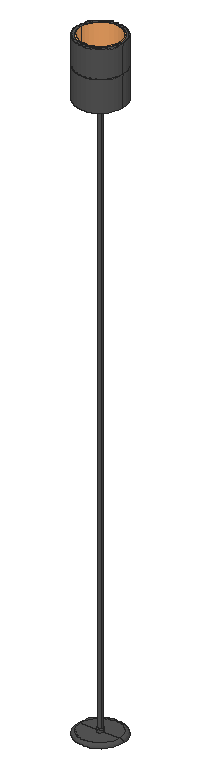
Revit family "MELO CYLINDER PENDANT LIGHT", category Lighting Fixtures, host Face, Revit 2020 (continued)
Types (16): name | Wattage_Input | Wattage Comments | Wattage | Voltage_Input | Size 08 | Size 06 | Size 04 | Selectable Wattage | Photometric Web File | Pendent Rod Length_1 | Pendent | Order number | built-in parameter 1150142 | Model | built-in parameter 1150105 | Lumens | built-in parameter 1150106 | Fixture Diameter | Canopy for Surface Mount J-box | Canopy for Recessed J-Box | Canopy Height | C2 H | C1 H | BEAMING ANGLE
     \r\n 0.16     0.16     0.16     0.16     0.16     0.16     0.16     0.16     0.17     0.17     \r\n 0.20     0.20     0.22     0.22     0.22     0.22     0.23     0.23     0.24     0.26     \r\n 0.28     0.29     0.31     0.32     0.35     0.36     0.40     0.44     0.46     0.51     \r\n 0.56     0.60     0.66     0.74     0.79     0.86     0.94     1.06     1.11     1.20     \r\n 1.32     1.42     1.56     1.70     1.88     2.11     2.40     2.75     3.19     3.72     \r\n 4.36     5.10     5.95     6.89     7.96     9.14     10.42    11.74    13.15    14.59    \r\n 16.04    17.50    18.95    20.35    21.70    22.95    24.12    25.18    26.05    26.79    \r\n 27.38    27.83    28.14    28.36    28.52    28.69    28.83    28.96    29.00    29.01    \r\n 29.49    \r\n28792.63 28846.43 28693.97 28297.62 27899.07 27319.18 26693.50 25886.00 24736.48 23294.26 \r\n 21489.69 19451.64 17251.09 14945.41 12632.21 10477.08 8453.71  6634.35  5066.07  3803.55  \r\n 3082.21  2364.60  1996.05  1736.57  1544.67  1389.13  1264.19  1148.39  1043.55  943.67   \r\n 843.08   760.66   696.04   642.41   595.96   490.81   437.06   371.56   332.93   302.60   \r\n 268.42   234.10   185.54   150.85   128.85   114.29   103.99   95.89    89.47    83.84    \r\n 77.71    66.03    57.33    52.82    49.55    47.67    45.99    44.55    43.14    41.13    \r\n 39.42    37.81    35.74    34.03    32.30    30.56    28.88    27.24    25.63    24.06    \r\n 22.52    21.02    19.57    18.16    16.79    15.48    14.21    12.98    11.78    10.65    \r\n 9.54     8.48     7.42     6.44     5.50     4.57     3.67     2.81     1.98     1.19     \r\n 0.44     0.11     0.11     0.11     0.11     0.11     0.12     0.13     0.13     0.14     \r\n 0.14     0.14     0.14     0.16     0.16     0.17     0.18     0.18     0.18     0.19     \r\n 0.20     0.20     0.21     0.22     0.22     0.23     0.25     0.25     0.26     0.27     \r\n 0.28     0.30     0.33     0.34     0.36     0.38     0.41     0.44     0.48     0.51     \r\n 0.56     0.61     0.66     0.72     0.79     0.86     0.93     1.01     1.10     1.19     \r\n 1.29     1.41     1.53     1.67     1.83     2.04     2.29     2.60     2.99     3.48     \r\n 4.07     4.76     5.61     6.53     7.58     8.72     9.95     11.26    12.63    14.05    \r\n 15.52    16.98    18.46    19.88    21.24    22.53    23.72    24.79    25.74    26.55    \r\n 27.20    27.74    28.15    28.44    28.69    28.92    29.12    29.30    29.35    29.34    \r\n 29.49    \r\n28729.34 28800.80 28671.49 28364.25 27921.05 27385.46 26829.23 26050.48 24931.43 23466.31 \r\n 21641.19 19595.01 17342.92 15005.63 12735.86 10466.62 8450.13  6644.10  5074.92  3809.54  \r\n 2935.05  2366.75  1994.32  1733.11  1540.08  1401.47  1263.29  1149.80  1043.43  942.49   \r\n 845.98   763.91   700.24   648.64   608.83   501.29   447.50   375.79   335.09   305.21   \r\n 277.02   240.28   190.09   153.35   129.09   113.92   103.12   94.79    88.62    83.28    \r\n 77.65    66.15    57.38    52.80    49.52    47.59    45.87    44.45    42.92    41.13    \r\n 39.51    37.85    35.68    33.96    32.21    30.50    28.81    27.18    25.60    24.03    \r\n 22.47    21.01    19.56    18.19    16.79    15.51    14.24    13.03    11.83    10.70    \r\n 9.60     8.53     7.50     6.49     5.54     4.60     3.67     2.82     1.94     1.20     \r\n 0.49     0.15     0.14     0.14     0.14     0.14     0.14     0.14     0.14     0.14     \r\n 0.14     0.14     0.14     0.14     0.14     0.14     0.15     0.15     0.16     0.16     \r\n 0.18     0.18     0.20     0.21     0.22     0.22     0.22     0.23     0.24     0.25     \r\n 0.28     0.29     0.29     0.31     0.35     0.36     0.38     0.44     0.45     0.50     \r\n 0.53     0.58     0.64     0.69     0.75     0.82     0.90     0.98     1.06     1.17     \r\n 1.25     1.39     1.50     1.64     1.81     2.01     2.29     2.60     3.01     3.51     \r\n 4.10     4.80     5.61     6.54     7.54     8.69     9.94     11.23    12.61    14.04    \r\n 15.48    16.91    18.36    19.74    21.10    22.36    23.56    24.66    25.58    26.39    \r\n 27.06    27.61    28.06    28.41    28.72    28.97    29.14    29.33    29.47    29.52    \r\n 29.49    \r\n28648.12 28739.60 28648.25 28340.93 28031.58 27553.57 27025.29 26293.92 25167.08 23746.04 \r\n 21948.36 19851.92 17586.25 15200.77 12794.02 10573.53 8530.49  6711.18  5146.02  3871.63  \r\n 3132.84  2397.87  2020.15  1751.39  1554.48  1396.48  1269.86  1154.56  1048.78  947.73   \r\n 854.16   772.72   709.52   655.46   611.80   514.01   457.85   386.60   340.23   309.47   \r\n 276.96   244.25   192.04   153.90   129.71   113.95   102.99   94.80    88.60    83.44    \r\n 77.77    66.87    58.07    53.10    49.57    47.62    45.90    44.44    43.02    41.16    \r\n 39.46    37.80    35.64    33.94    32.20    30.47    28.79    27.15    25.53    23.98    \r\n 22.46    20.96    19.52    18.11    16.75    15.46    14.19    12.95    11.77    10.63    \r\n 9.55     8.46     7.43     6.46     5.52     4.61     3.71     2.85     2.03     1.26     \r\n 0.52     0.11     0.12     0.12     0.12     0.12     0.12     0.13     0.13     0.14     \r\n 0.14     0.14     0.14     0.15     0.15     0.16     0.17     0.18     0.18     0.19     \r\n 0.19     0.20     0.20     0.21     0.22     0.23     0.24     0.25     0.26     0.27     \r\n 0.29     0.29     0.32     0.34     0.36     0.38     0.41     0.44     0.47     0.51     \r\n 0.55     0.60     0.65     0.71     0.77     0.85     0.91     1.00     1.07     1.17     \r\n 1.27     1.38     1.50     1.64     1.79     2.00     2.25     2.57     2.95     3.43     \r\n 4.02     4.71     5.52     6.46     7.49     8.63     9.85     11.13    12.49    13.91    \r\n 15.36    16.79    18.24    19.64    20.98    22.26    23.41    24.49    25.42    26.22    \r\n 26.91    27.49    27.99    28.37    28.66    28.89    29.09    29.29    29.41    29.50    \r\n 29.49    \r\n28598.50 28656.00 28517.29 28270.30 27920.38 27459.54 26922.54 26088.40 24903.97 23364.13 \r\n 21478.09 19347.94 16997.78 14594.76 12304.46 10015.06 8033.16  6261.74  4750.64  3582.56  \r\n 2790.71  2274.35  1935.74  1691.27  1506.36  1371.92  1237.88  1126.05  1022.30  920.77   \r\n 830.48   756.88   698.55   644.54   592.61   496.66   446.08   369.24   331.20   300.84   \r\n 271.42   231.66   181.39   152.74   124.29   109.79   99.90    92.35    86.79    81.80    \r\n 75.81    64.42    56.29    52.03    48.93    47.03    45.32    43.92    42.41    40.51    \r\n 38.86    37.02    35.06    33.33    31.61    29.90    28.23    26.60    25.04    23.49    \r\n 21.97    20.53    19.09    17.74    16.37    15.12    13.85    12.67    11.49    10.37    \r\n 9.28     8.22     7.22     6.21     5.27     4.35     3.47     2.64     1.79     1.06     \r\n 0.37     0.15     0.14     0.14     0.14     0.14     0.14     0.14     0.14     0.14     \r\n 0.14     0.14     0.14     0.14     0.14     0.15     0.15     0.16     0.16     0.17     \r\n 0.21     0.23     0.24     0.25     0.24     0.24     0.24     0.24     0.24     0.27     \r\n 0.28     0.29     0.29     0.32     0.39     0.38     0.39     0.43     0.45     0.53     \r\n 0.53     0.61     0.68     0.69     0.75     0.83     0.91     0.98     1.06     1.21     \r\n 1.26     1.39     1.50     1.65     1.81     2.04     2.31     2.66     3.08     3.60     \r\n 4.20     4.94     5.77     6.69     7.73     8.88     10.14    11.44    12.83    14.25    \r\n 15.68    17.11    18.54    19.91    21.21    22.45    23.64    24.70    25.61    26.41    \r\n 27.08    27.64    28.09    28.44    28.68    28.91    29.07    29.21    29.30    29.37    \r\n 29.49    \r\n28451.53 28519.24 28373.63 28225.76 27885.25 27456.68 26872.66 26027.01 24821.21 23321.49 \r\n 21447.12 19328.58 17014.65 14632.24 12289.22 10108.53 8103.56  6334.20  4832.52  3653.14  \r\n 2826.13  2303.19  1955.99  1705.52  1518.17  1364.35  1238.35  1123.17  1019.12  917.44   \r\n 827.33   755.25   695.44   638.42   585.59   492.59   441.18   367.19   329.13   299.76   \r\n 265.39   230.83   179.24   144.61   123.17   108.84   99.21    91.92    86.32    81.46    \r\n 75.29    63.80    56.05    51.74    48.65    46.75    45.07    43.58    42.06    40.11    \r\n 38.48    36.70    34.95    33.23    31.50    29.79    28.12    26.49    24.92    23.37    \r\n 21.86    20.41    18.98    17.61    16.28    14.99    13.76    12.54    11.38    10.25    \r\n 9.18     8.13     7.12     6.18     5.25     4.34     3.48     2.63     1.85     1.09     \r\n 0.38     0.12     0.12     0.13     0.13     0.13     0.13     0.14     0.14     0.14     \r\n 0.14     0.14     0.16     0.16     0.17     0.17     0.18     0.18     0.19     0.19     \r\n 0.19     0.21     0.21     0.22     0.22     0.24     0.25     0.25     0.27     0.27     \r\n 0.29     0.30     0.33     0.34     0.36     0.39     0.42     0.44     0.48     0.51     \r\n 0.56     0.60     0.65     0.71     0.77     0.84     0.91     1.00     1.07     1.17     \r\n 1.28     1.39     1.51     1.66     1.82     2.04     2.31     2.63     3.04     3.55     \r\n 4.14     4.85     5.71     6.65     7.70     8.85     10.09    11.39    12.76    14.18    \r\n 15.62    17.06    18.49    19.90    21.23    22.50    23.64    24.73    25.68    26.50    \r\n 27.20    27.80    28.26    28.61    28.88    29.10    29.28    29.40    29.47    29.50    \r\n 29.49    \r\n28388.08 28353.26 28190.71 27910.01 27506.05 26971.32 26191.46 25113.34 23725.20 21988.87 \r\n 19962.72 17770.46 15424.45 13117.61 10897.65 8843.05  6979.75  5371.44  4068.52  3104.82  \r\n 2479.72  2075.73  1796.37  1586.24  1422.30  1296.11  1170.21  1060.54  959.25   863.30   \r\n 781.95   715.01   654.04   604.39   515.93   456.21   395.65   341.47   308.29   281.09   \r\n 252.72   198.07   156.74   135.60   114.64   103.49   95.29    89.11    84.11    78.81    \r\n 68.80    59.15    53.55    49.71    47.60    45.79    44.23    42.70    40.77    38.89    \r\n 37.34    35.49    33.78    32.05    30.34    28.65    27.01    25.44    23.90    22.39    \r\n 20.90    19.51    18.12    16.80    15.48    14.25    13.02    11.86    10.73    9.64     \r\n 8.59     7.57     6.59     5.62     4.69     3.82     2.96     2.18     1.34     0.63     \r\n 0.17     0.15     0.15     0.15     0.15     0.15     0.15     0.15     0.15     0.15     \r\n 0.15     0.15     0.15     0.15     0.16     0.16     0.16     0.16     0.17     0.17     \r\n 0.19     0.20     0.21     0.22     0.22     0.22     0.22     0.23     0.24     0.28     \r\n 0.30     0.30     0.30     0.33     0.36     0.38     0.42     0.45     0.49     0.52     \r\n 0.55     0.60     0.66     0.73     0.78     0.85     0.92     1.02     1.11     1.20     \r\n 1.31     1.43     1.57     1.72     1.92     2.16     2.48     2.86     3.33     3.90     \r\n 4.57     5.36     6.24     7.21     8.31     9.51     10.82    12.14    13.55    15.00    \r\n 16.42    17.85    19.26    20.63    21.93    23.16    24.33    25.36    26.25    27.03    \r\n 27.69    28.24    28.70    28.98    29.20    29.35    29.45    29.51    29.52    29.53    \r\n 29.49    \r\n28295.58 28204.46 27978.07 27648.46 27186.59 26517.90 25560.85 24349.32 22788.09 20945.91 \r\n 18849.11 16590.44 14285.65 12008.65 9866.77  7898.44  6142.99  4675.78  3710.87  2750.69  \r\n 2255.56  1929.33  1693.28  1508.05  1361.29  1234.78  1124.24  1017.07  918.42   827.03   \r\n 753.37   689.04   629.24   568.66   484.19   435.84   361.92   326.00   296.98   267.75   \r\n 222.61   173.87   141.62   122.00   109.14   99.75    92.71    87.02    81.88    74.98    \r\n 63.49    55.51    51.54    48.74    46.95    45.24    43.70    42.03    40.04    38.37    \r\n 36.60    34.62    32.89    31.15    29.45    27.79    26.16    24.59    23.06    21.56    \r\n 20.13    18.72    17.35    16.03    14.76    13.53    12.34    11.17    10.07    9.01     \r\n 7.99     7.01     6.07     5.15     4.26     3.40     2.58     1.79     1.05     0.34     \r\n 0.12     0.12     0.12     0.12     0.12     0.12     0.13     0.13     0.13     0.14     \r\n 0.14     0.14     0.14     0.15     0.15     0.16     0.17     0.18     0.18     0.19     \r\n 0.20     0.20     0.21     0.22     0.23     0.23     0.25     0.26     0.27     0.28     \r\n 0.29     0.31     0.33     0.36     0.38     0.41     0.44     0.47     0.50     0.54     \r\n 0.59     0.63     0.70     0.76     0.83     0.90     0.97     1.07     1.16     1.26     \r\n 1.38     1.50     1.65     1.83     2.02     2.29     2.63     3.04     3.54     4.15     \r\n 4.87     5.72     6.65     7.69     8.95     10.18    11.51    12.94    14.23    15.61    \r\n 17.06    18.49    19.90    21.27    22.55    23.74    24.79    25.76    26.59    27.34    \r\n 27.96    28.49    28.92    29.26    29.51    29.66    29.78    29.84    29.83    29.82    \r\n 29.49    \r\n28208.72 28017.97 27709.32 27294.83 26697.42 25816.28 24655.57 23169.52 21397.60 19351.94 \r\n 17117.72 14810.41 12496.36 10331.81 8311.95  6504.01  4979.50  3761.83  2897.94  2347.89  \r\n 1990.11  1738.37  1548.21  1408.13  1268.47  1153.32  1045.42  944.75   852.27   772.58   \r\n 706.68   644.89   586.51   499.87   446.64   373.62   333.45   302.73   275.74   236.62   \r\n 183.55   154.70   126.09   111.97   102.00   94.36    88.37    83.10    76.97    65.29    \r\n 56.62    52.32    49.27    47.37    45.68    44.18    42.62    40.76    38.96    37.14    \r\n 34.99    33.22    31.49    29.77    28.09    26.48    24.90    23.36    21.87    20.43    \r\n 19.00    17.67    16.33    15.08    13.79    12.62    11.45    10.36    9.29     8.25     \r\n 7.27     6.30     5.39     4.47     3.59     2.75     1.95     1.22     0.45     0.15     \r\n 0.14     0.14     0.14     0.14     0.14     0.14     0.14     0.15     0.15     0.15     \r\n 0.15     0.15     0.15     0.15     0.15     0.15     0.16     0.17     0.17     0.18     \r\n 0.23     0.22     0.22     0.22     0.22     0.22     0.23     0.27     0.30     0.30     \r\n 0.30     0.31     0.32     0.35     0.37     0.40     0.44     0.47     0.51     0.57     \r\n 0.60     0.66     0.73     0.80     0.86     0.95     1.04     1.11     1.20     1.32     \r\n 1.45     1.58     1.74     1.95     2.22     2.55     2.96     3.45     4.04     4.74     \r\n 5.54     6.45     7.51     8.99     11.01    12.25    12.74    14.17    15.38    16.71    \r\n 18.14    19.55    20.92    22.21    23.46    24.58    25.60    26.47    27.18    27.78    \r\n 28.26    28.64    28.92    29.17    29.37    29.52    29.61    29.73    29.73    29.75    \r\n 29.49    \r\n28156.98 27918.58 27560.56 27112.20 26431.63 25453.75 24143.61 22588.23 20674.26 18614.29 \r\n 16329.33 13977.77 11712.45 9570.74  7620.35  5921.09  4497.00  3583.73  2676.11  2211.44  \r\n 1897.78  1671.89  1494.86  1349.69  1228.48  1113.90  1009.25  909.17   821.32   747.16   \r\n 681.50   623.33   547.67   477.37   425.96   355.61   321.42   292.35   263.02   212.67   \r\n 166.58   137.99   119.87   107.78   99.00    92.02    86.44    81.11    72.41    61.64    \r\n 54.71    50.78    48.47    46.67    45.02    43.53    41.87    39.95    38.35    36.01    \r\n 34.27    32.50    30.76    29.07    27.41    25.79    24.22    22.70    21.21    19.78    \r\n 18.39    17.03    15.74    14.47    13.24    12.05    10.94    9.85     8.78     7.76     \r\n 6.81     5.89     4.98     4.08     3.23     2.43     1.65     0.91     0.23     0.11     \r\n 0.11     0.11     0.12     0.12     0.12     0.13     0.13     0.13     0.14     0.14     \r\n 0.14     0.15     0.15     0.15     0.16     0.16     0.17     0.18     0.20     0.20     \r\n 0.21     0.21     0.22     0.23     0.24     0.25     0.26     0.27     0.28     0.30     \r\n 0.32     0.34     0.36     0.38     0.41     0.44     0.48     0.51     0.56     0.60     \r\n 0.65     0.71     0.77     0.84     0.91     0.99     1.07     1.16     1.27     1.38     \r\n 1.51     1.65     1.83     2.05     2.33     2.68     3.11     3.63     4.25     4.98     \r\n 5.86     6.80     7.85     9.02     10.26    11.56    13.09    14.33    15.77    17.20    \r\n 18.65    20.07    21.42    22.72    23.91    24.95    25.89    26.72    27.41    27.96    \r\n 28.33    28.65    28.86    28.97    29.08    29.18    29.26    29.33    29.36    29.35    \r\n 29.49    \r\n28077.78 27787.47 27426.76 26924.83 26148.90 25043.98 23659.96 21941.67 1998
